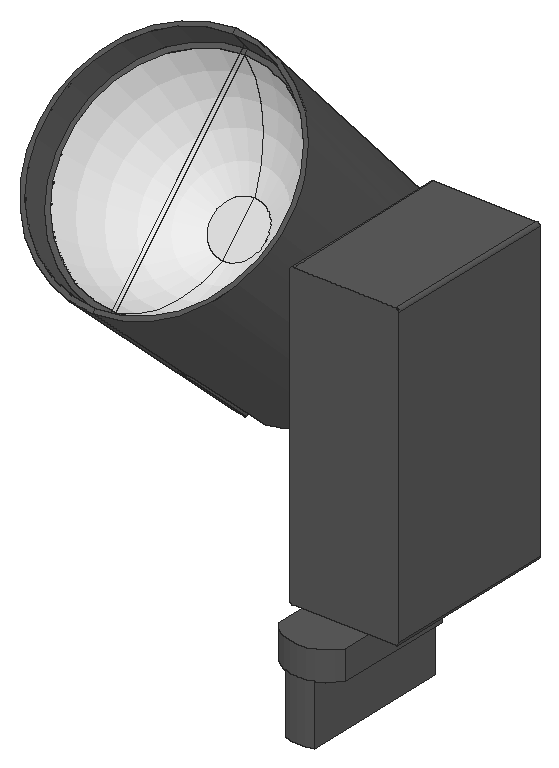
Revit family "0004845 Feilo Sylvania Lighting Fixture START TRACK SPOT L 55W 3K RA80 MB BLACK", category Lighting Fixtures, host Face, Revit 2017 (continued)
Definition of nested family "Start Track Spot Head"
  Types (96, lengths in mm): name | Wattage | built-in parameter 1150134 | Photometric Web File | Model | built-in parameter 1150105 | Lumens | built-in parameter 1150107 | built-in parameter 1150106 | HeadThickness_FEILO | HeadRibOffset_FEILO | HeadRibDepth_FEILO | HeadRibCutWidth_FEILO | HeadRibCutOffset_FEILO | HeadReflectorRadius_FEILO | HeadReflectorOffset_FEILO | HeadLEDRadius_FEILO | HeadHeight_FEILO | HeadDiffusorOffset_FEILO | HeadDiaOut_FEILO | HeadDiaIn_FEILO | HeadAxisFromTop_FEILO | Emit from Circle Diameter | built-in parameter 1150104 | Description | Apparent Load
    0004812 START TRACK SPOT S 14W 3K RA80 MB WHITE | 14 W | (empty or 0) | "0004812.ies" | "START TRACK SPOT S 14W 3K RA80 MB WHITE" | 120.32 (stored number, unit not read) | 1512 lm | 3000 (stored number, unit not read) | 1.2032 (stored number, unit not read) | 1.5 | 4.179 | 55.714 | 7.167 | 50.87 | 50.588 | 55.714 | 9.556 | 117 | 9.435 | 86 | 77.477 | 69.354 | 77.477 | 10.034 (stored number, unit not read) | "Integrated LED spotlight, Textured White - RAL9016, compact and minimalist design, ideal for retail applications, die-cast aluminium body, passive cooling heatsink. Beam angle: 36°, color temperature: 3000K , total system power: 14W, total fixture output: 1508 lm, LOR: 100%, colour rendering: Ra: 80 typical, LED Chromaticity: 3 step MacAdam ellipse, lifetime: >50000 hours at L70B50, energy class: A++, A+, A, IR/UV free light source without heat radiation, operating voltage: 220-240V / 50-60Hz, drive current: 350mA, electronic driver, non-dimmable, power factor: 0.92, electrical protection: Class II, Global Track 3 Phase adapter suitable for Global trac 3-circuit tracks, ingress protection rating: IP20, suitable for internal environment only, horizontal rotation: 355°, vertical tilt: 90°, dimensions: Ø86x140x200, weight: 0.940kg." | 14 VA
    0004811 START TRACK SPOT S 14W 3K RA80 NB WHITE | 14 W | (empty or 0) | "0004811.ies" | "START TRACK SPOT S 14W 3K RA80 NB WHITE" | 123.66 (stored number, unit not read) | 1554 lm | 3000 (stored number, unit not read) | 1.2366 (stored number, unit not read) | 1.5 | 4.179 | 55.714 | 7.167 | 50.87 | 50.588 | 55.714 | 9.556 | 117 | 9.435 | 86 | 77.477 | 69.354 | 77.477 | 10.312 (stored number, unit not read) | "Integrated LED spotlight, Textured White - RAL9016, compact and minimalist design, ideal for retail applications, die-cast aluminium body, passive cooling heatsink. Beam angle: 12°, color temperature: 3000K , total system power: 14W, total fixture output: 1551 lm, LOR: 100%, colour rendering: Ra: 80 typical, LED Chromaticity: 3 step MacAdam ellipse, lifetime: >50000 hours at L70B50, energy class: A++, A+, A, IR/UV free light source without heat radiation, operating voltage: 220-240V / 50-60Hz, drive current: 350mA, electronic driver, non-dimmable, power factor: 0.92, electrical protection: Class II, Global Track 3 Phase adapter suitable for Global trac 3-circuit tracks, ingress protection rating: IP20, suitable for internal environment only, horizontal rotation: 355°, vertical tilt: 90°, dimensions: Ø86x140x200, weight: 0.940kg." | 14 VA
  Reference planes
    plane 1 "Center (Front/Back)": y = 0
    plane 2: z = 0
    plane 3 "Center (Left/Right)": x = 0
    plane 4: x = 43
    plane 5: x = -43
    plane 6: x = -38.739
    plane 7: x = 38.739
    plane 8: z = 69.354
    plane 9: z = -47.646
    plane 10: x = -41.5
    plane 11: x = -37.239
    plane 12: z = -38.211
    plane 13: z = -35.211
    plane 14: z = 8.068
    plane 15: x = -9.556
    plane 16: x = -28.667
    plane 17: x = -19.111
    plane 18: x = -27.167
    plane 19: x = -17.611
    plane 20: x = -8.056
    plane 21: z = 13.64
    plane 22: x = -29.667
    plane 23: x = -26.167
    plane 24: x = -20.111
    plane 25: x = -16.611
    plane 26: x = -10.556
    plane 27: x = -7.056
    plane 28: x = -36.239
    plane 29: x = -40.5
    plane 30: z = 65.175
    plane 31: z = 60.997
    plane 32: z = 56.818
    plane 33: z = 18.484
    plane 34: y = -43
    plane 35: y = 43
    plane 36: y = 3.583
    plane 37: y = -3.583
    plane 38: y = -2.583
    plane 39: y = 2.583
    plane 40: y = 46
    plane 41: z = 13.5
    plane 42: z = -13.5
    plane 43: y = 39
    plane 44: x = 4.708
    plane 45: x = -2.458
    plane 46: x = -1.458
    plane 47: x = 1.458
  Forms (mm)
    Extrusion 1, solid
      sketch origin (4.2, 0, 0) x (1, 0, 0) y (0, 1, 0)
        loop
          line (-1219.2, 1219.2) -> (-1219.2, -1219.2) -> (1219.2, -1219.2) -> (1219.2, 1219.2) -> (-1219.2, 1219.2)
      from 0 to -68.017
    Revolve 2, solid, material <- "Material_1_FEILO", detail levels medium+fine
      sketch origin (0, 0, 0) x (1, 0, 0) y (0, 0, 1)
        loop
          line (-43, -47.646) -> (-41.5, -47.646) -> (-40.5, -35.211) -> (-38.739, -35.211)
          arc (-38.739, -35.211) -> (-30.16, -9.517) -> (-9.556, 8.068) r 50.588
          line (-9.556, 8.068) -> (0, 8.068) -> (0, 13.64) -> (-16.611, 13.64) -> (-17.611, 60.997) -> (-19.111, 60.997) -> (-20.111, 13.64) -> (-36.239, 13.64) -> (-37.239, 69.354) -> (-38.739, 69.354) -> (-43, -47.646)
        axis (0, 69.354) -> (0, -47.646)
      angle from 360 to 0
    Extrusion 3, void
      sketch origin (0, 0, 0) x (0, 1, 0) y (0, 0, 1)
        loop
          line (-3.583, 69.354) -> (-2.583, 18.484) -> (1.932, 18.484) -> (2.932, 69.354) -> (-3.583, 69.354)
      from 43 to -43
    Revolve 4, solid, material <- "Material_2_FEILO", detail levels medium+fine
      sketch origin (0, 0, 0) x (1, 0, 0) y (0, 0, 1)
        loop
          line (-41.5, -38.211) -> (0, -38.211) -> (0, -35.211) -> (-41.5, -35.211) -> (-41.5, -38.211)
        axis (0, -35.211) -> (0, -38.211)
      angle from 360 to 0
    Revolve 5, solid, material <- "Material_1_FEILO"
      sketch origin (0, 0, 0) x (0, 1, 0) y (0, 0, 1)
        loop
          line (46, 0) -> (39, 0) -> (39, -13.5) -> (46, -13.5) -> (46, 0)
        axis (39, 0) -> (46, 0)
      angle from 360 to 0
    Revolve 6, solid, material <- "Material_1_FEILO", detail levels medium+fine
      sketch origin (0, 0, 0) x (1, 0, 0) y (0, 0, 1)
        loop
          line (-29.667, 13.64) -> (-26.167, 13.64) -> (-27.167, 65.175) -> (-28.667, 65.175) -> (-29.667, 13.64)
        loop
          line (-10.556, 13.64) -> (-7.056, 13.64) -> (-7.833, 56.818) -> (-9.778, 56.818) -> (-10.556, 13.64)
        axis (0, 65.175) -> (0, 13.64)
      angle from 360 to 0
    Extrusion 7, void
      sketch origin (0, 0, 0) x (1, 0, 0) y (0, 0, 1)
        loop
          line (4.708, 69.354) -> (-2.458, 69.354) -> (-1.458, 13.64) -> (1.458, 13.64) -> (4.708, 69.354)
      from -43 to 43
    Revolve 8, solid, material <- "Material_1_FEILO", detail levels coarse
      sketch origin (0, 0, 0) x (1, 0, 0) y (0, 0, 1)
        loop
          line (0, 69.354) -> (-38.739, 69.354) -> (-43, -47.646) -> (-41.5, -47.646) -> (-40.731, -38.211) -> (0, -38.211) -> (0, 69.354)
        axis (0, 69.354) -> (0, -47.646)
      angle from 360 to 0
  Cuts and joins
    Extrusion 3 cuts Revolve 2
    Extrusion 7 cuts Revolve 6
  Dimensions and locks
    equal spacing: plane 7, plane 3 "Center (Left/Right)", plane 6
    equal spacing: plane 4, plane 3 "Center (Left/Right)", plane 5
    "HeadDiaOut_FEILO": plane 4 to plane 5
    "HeadDiaIn_FEILO": plane 7 to plane 6
    "HeadHeight_FEILO": plane 8 to plane 9
    "HeadThickness_FEILO": plane 10 to plane 5
    "HeadThickness_FEILO": plane 11 to plane 6
    "HeadDiffusorOffset_FEILO": plane 12 to plane 9
    "HeadDiffusorThickness_FEILO": plane 13 to plane 12
    "HeadReflectorOffset_FEILO": plane 14 to plane 9
    "HeadLEDRadius_FEILO": plane 3 "Center (Left/Right)" to plane 15
    "HeadLEDRadius_FEILO": plane 15 to plane 17
    "HeadLEDRadius_FEILO": plane 17 to plane 16
    "HeadThickness_FEILO": plane 18 to plane 16
    "HeadThickness_FEILO": plane 19 to plane 17
    "HeadThickness_FEILO": plane 20 to plane 15
    "HeadRibDepth_FEILO": plane 8 to plane 21
    "HeadDraft_FEILO": plane 16 to plane 22
    "HeadDraft_FEILO": plane 23 to plane 18
    "HeadDraft_FEILO": plane 17 to plane 24
    "HeadDraft_FEILO": plane 25 to plane 19
    "HeadDraft_FEILO": plane 15 to plane 26
    "HeadDraft_FEILO": plane 27 to plane 20
    "HeadDraft_FEILO": plane 29 to plane 10
    "HeadDraft_FEILO": plane 28 to plane 11
    "HeadRibOffset_FEILO": plane 8 to plane 30
    "HeadRibOffset_FEILO": plane 30 to plane 31
    "HeadRibOffset_FEILO": plane 31 to plane 32
    "HeadAxisFromTop_FEILO": plane 8 to plane 2
    "HeadRibCutOffset_FEILO": plane 8 to plane 33
    equal spacing: plane 34, plane 1 "Center (Front/Back)", plane 35
    "HeadDiaOut_FEILO": plane 34 to plane 35
    equal spacing: plane 38, plane 1 "Center (Front/Back)", plane 39
    equal spacing: plane 37, plane 1 "Center (Front/Back)", plane 36
    "HeadRibCutWidth_FEILO": plane 37 to plane 36
    "HeadDraft_FEILO": plane 37 to plane 38
    locked: plane 35 to plane 40 at 3
    equal spacing: plane 41, plane 2, plane 42
    locked: plane 42 to plane 41 at 27
    locked: plane 43 to plane 35 at 4
    equal spacing: plane 45, imposter light, plane 44
    "HeadDraft_FEILO": plane 46 to plane 45
    "HeadRibCutWidth_FEILO": plane 44 to plane 45
    equal spacing: plane 47, plane 3 "Center (Left/Right)", plane 46
    "HeadReflectorRadius_FEILO": radius of Revolve 2 sketch curve
    aligned and locked: plane 2 to Extrusion 1
    aligned and locked: level to Extrusion 1
    aligned and locked: Revolve 2 sketch curve to plane 3 "Center (Left/Right)"  (x2)
    aligned and locked: plane 9 to Revolve 2 sketch curve  (x2)
    aligned and locked: plane 5 to Revolve 2 sketch curve
    aligned and locked: plane 10 to Revolve 2 sketch curve
    aligned and locked: plane 14 to Revolve 2 sketch curve
    aligned and locked: plane 8 to Revolve 2 sketch curve
    aligned and locked: Revolve 2 sketch curve to plane 13
    aligned and locked: plane 12 to Revolve 4 sketch curve
    aligned and locked: plane 3 "Center (Left/Right)" to Revolve 4 sketch curve
    aligned and locked: Revolve 4 sketch curve to plane 10
    aligned and locked: Revolve 4 sketch curve to plane 3 "Center (Left/Right)"
    aligned and locked: plane 12 to imposter light
    aligned and locked: imposter light to plane 1 "Center (Front/Back)"
    aligned and locked: Revolve 5 sketch curve to plane 2
    aligned and locked: plane 43 to Revolve 5 sketch curve
    aligned and locked: plane 42 to Revolve 5 sketch curve
    aligned and locked: Revolve 6 sketch curve to plane 3 "Center (Left/Right)"
    aligned and locked: plane 22 to Revolve 6 sketch curve
    aligned and locked: plane 30 to Revolve 6 sketch curve
    aligned and locked: plane 23 to Revolve 6 sketch curve
    aligned and locked: Revolve 6 sketch curve to plane 21  (x2)
    aligned and locked: plane 21 to Revolve 6 sketch curve
    aligned and locked: plane 17 to Revolve 2 sketch curve
    aligned and locked: plane 19 to Revolve 2 sketch curve
    aligned and locked: plane 31 to Revolve 2 sketch curve
    aligned and locked: plane 21 to Revolve 2 sketch curve
    aligned and locked: Extrusion 3 to plane 8
    aligned and locked: plane 33 to Extrusion 3
    aligned and locked: plane 8 to Extrusion 3 sketch curve
    aligned and locked: Extrusion 3 sketch curve to plane 33
    aligned and locked: Extrusion 3 to plane 5
    aligned and locked: plane 4 to Extrusion 3
    aligned and locked: plane 32 to Revolve 6 sketch curve
    aligned and locked: plane 44 to Extrusion 7 sketch curve
    aligned and locked: Extrusion 7 sketch curve to plane 8
    aligned and locked: plane 46 to Extrusion 7 sketch curve
    aligned and locked: plane 21 to Extrusion 7 sketch curve
    aligned and locked: plane 34 to Extrusion 7
    aligned and locked: Extrusion 7 to plane 35
    aligned and locked: Revolve 4 sketch curve to plane 13
    aligned and locked: Revolve 5 sketch curve to plane 40
    aligned and locked: Revolve 8 sketch curve to plane 3 "Center (Left/Right)"
    aligned and locked: Revolve 8 sketch curve to cut or joined group of Revolve 2, Extrusion 3  (x3)
    aligned and locked: plane 5 to Revolve 8 sketch curve
    aligned and locked: plane 3 "Center (Left/Right)" to Revolve 8 sketch curve
    aligned and locked: plane 12 to Revolve 8 sketch curve
  Automatic sketch dimensions
    Extrusion 1 sketch curve to Extrusion 1 sketch curve = 2438.4 mm  (x2)
    Extrusion 3 sketch curve to plane 37 = 0 mm
    Extrusion 3 sketch curve to plane 38 = 0 mm
    plane 39 to Extrusion 3 sketch curve = 0.651 mm
    Extrusion 3 sketch curve to plane 39 = 0.349 mm
    Revolve 6 sketch curve to plane 16 = 0 mm
    Revolve 6 sketch curve to plane 18 = 0 mm
    Revolve 6 sketch curve to plane 26 = 0 mm
    Revolve 6 sketch curve to plane 27 = 0 mm
    Revolve 6 sketch curve to plane 15 = 0.222 mm
    plane 9 to Revolve 6 sketch curve = 559.103 mm
    Revolve 6 sketch curve to plane 8 = 2535.555 mm
    plane 20 to Revolve 6 sketch curve = 0.222 mm
    Revolve 2 sketch curve to plane 29 = 0 mm
    Revolve 2 sketch curve to plane 6 = 0 mm  (x2)
    Revolve 2 sketch curve to plane 11 = 0 mm
    Revolve 2 sketch curve to plane 21 = 0 mm
    Revolve 2 sketch curve to plane 28 = 0 mm
    Revolve 2 sketch curve to plane 24 = 0 mm
    Revolve 2 sketch curve to plane 25 = 0 mm
    Revolve 2 sketch curve to plane 15 = 0 mm
    Revolve 2 sketch curve to Revolve 2 sketch curve = 557.155 mm
    Revolve 2 sketch curve to plane 8 = 2535.558 mm
    Extrusion 7 sketch curve to plane 45 = 0 mm
    Extrusion 7 sketch curve to plane 47 = 0 mm
    plane 9 to Revolve 4 sketch curve = 559.103 mm
    Revolve 4 sketch curve to plane 8 = 2535.555 mm
    Revolve 5 sketch curve to level = 0 mm
    plane 34 to Revolve 5 sketch curve = 1968.092 mm
    Revolve 5 sketch curve to plane 40 = 1405.763 mm
    Revolve 8 sketch curve to plane 6 = 0 mm
    Revolve 8 sketch curve to plane 29 = 0.231 mm
    plane 9 to Revolve 8 sketch curve = 559.103 mm
    Revolve 8 sketch curve to Revolve 8 sketch curve = 2535.555 mm
Definition of nested family "Start Track Spot Box"
  Parameters (values of type "Type Large White")
    URL = "http://www.feilosylvania.com"
    Type Image = (empty or 0)
    Type Comments = "n/a"
    Small_FEILO = no
    Material_3_FEILO = none
    Model = ""
    Manufacturer = "Feilo Sylvania"
    Keynote = ""
    Material_2_FEILO = none
    Description = ""
    Default Elevation = 1219.2 mm
    Cost = 0
    Material_1_FEILO = none
    BoxWidth_FEILO = 49 mm
    BoxStartAngle_FEILO [instance] = 0.00°
    BoxRadius_FEILO = 1.5 mm
    BoxHeight_FEILO = if(Small_FEILO, 112 mm, 136 mm)  # 136 mm
    BoxEndAngle_FEILO [instance] = BoxStartAngle_FEILO - 180.00°  # -180.00°
    BoxDepth_FEILO = if(Small_FEILO, 71.5 mm, 79 mm)  # 79 mm
    BoxAxisVerticalOffset_FEILO = 16 mm
    BoxAxisOffset_FEILO = BoxHeight_FEILO / 6.8  # 20 mm
    Assembly Code = ""
    Material_4_FEILO = none
  Types (4, lengths in mm): name | Small_FEILO | BoxHeight_FEILO | BoxDepth_FEILO | BoxAxisOffset_FEILO
    Type Large White | no | 136 | 79 | 20
    Type Small White | yes | 112 | 71.5 | 16.471
    Type Small Black | yes | 112 | 71.5 | 16.471
    Type Large Black | no | 136 | 79 | 20
  Reference planes
    plane 1 "Center (Front/Back)": y = 0
    plane 2: z = 0
    plane 3 "Center (Left/Right)": x = 0
    plane 4: x = 24.5
    plane 5: x = -24.5
    plane 6: y = 68
    plane 7: y = -68
    plane 8: z = 39.5
    plane 9: z = -39.5
    plane 10: y = -48
    plane 11: x = 30.5
    plane 12: x = 8.5
    plane 13: x = 21.5
    plane 14: y = 70
    plane 15: y = 72
    plane 16: x = 19.5
  Forms (mm)
    Extrusion 1, solid
      sketch origin (4.2, 0, 0) x (1, 0, 0) y (0, 1, 0)
        loop
          line (-1219.2, 1219.2) -> (-1219.2, -1219.2) -> (1219.2, -1219.2) -> (1219.2, 1219.2) -> (-1219.2, 1219.2)
      from 0 to -68.017
    Extrusion 2, solid, material <- "Material_1_FEILO"
      sketch origin (0, 0, 0) x (1, 0, 0) y (0, 1, 0)
        loop
          arc (-23, 68) -> (-24.061, 67.561) -> (-24.5, 66.5) r 1.5
          line (-24.5, 66.5) -> (-24.5, -66.5)
          arc (-24.5, -66.5) -> (-24.061, -67.561) -> (-23, -68) r 1.5
          line (-23, -68) -> (23, -68)
          arc (23, -68) -> (24.061, -67.561) -> (24.5, -66.5) r 1.5
          line (24.5, -66.5) -> (24.5, 66.5)
          arc (24.5, 66.5) -> (24.061, 67.561) -> (23, 68) r 1.5
          line (23, 68) -> (-23, 68)
      from -39.5 to 39.5
    Revolve 3, solid, not visible
      sketch origin (0, 0, 0) x (1, 0, 0) y (0, 1, 0)
        loop
          line (30.5, -48) -> (24.5, -48) -> (24.5, -68) -> (30.5, -68) -> (30.5, -48)
        axis (30.5, -48) -> (24.5, -48)
      angle from 0 <- "BoxStartAngle_FEILO" to -180 <- "BoxEndAngle_FEILO"
    Revolve 4, solid, material <- "Material_2_FEILO"
      sketch origin (0, 0, 0) x (1, 0, 0) y (0, 1, 0)
        loop
          line (8.5, 68) -> (19.5, 68) -> (19.5, 70) -> (21.5, 70) -> (21.5, 72) -> (8.5, 72) -> (8.5, 68)
        axis (8.5, 72) -> (8.5, 68)
      angle from 360 to 0
  Dimensions and locks
    equal spacing: plane 5, plane 3 "Center (Left/Right)", plane 4
    "BoxWidth_FEILO": plane 5 to plane 4
    equal spacing: plane 7, plane 1 "Center (Front/Back)", plane 6
    "BoxHeight_FEILO": plane 7 to plane 6
    equal spacing: plane 8, plane 2, plane 9
    "BoxDepth_FEILO": plane 8 to plane 9
    "BoxAxisOffset_FEILO": plane 7 to plane 10
    locked: plane 4 to plane 11 at 6
    "BoxAxisVerticalOffset_FEILO": plane 12 to plane 4
    locked: plane 12 to plane 13 at 13
    plane 6 to plane 14 to plane 15 = 2 mm locked, 2 mm locked
    locked: plane 12 to plane 16 at 11
    "BoxRadius_FEILO": radius of Extrusion 2 sketch curve  (x4)
    aligned and locked: plane 2 to Extrusion 1
    aligned and locked: level to Extrusion 1
    aligned and locked: plane 6 to Extrusion 2 sketch curve
    aligned and locked: plane 5 to Extrusion 2 sketch curve
    aligned and locked: Extrusion 2 sketch curve to plane 7
    aligned and locked: Extrusion 2 sketch curve to plane 4
    aligned and locked: Extrusion 2 to plane 8
    aligned and locked: plane 9 to Extrusion 2
    aligned and locked: Revolve 3 sketch curve to plane 10  (x2)
    aligned and locked: plane 11 to Revolve 3 sketch curve
    aligned and locked: Revolve 3 sketch curve to plane 4
    aligned and locked: plane 7 to Revolve 3 sketch curve
    aligned and locked: Revolve 4 sketch curve to plane 12
    aligned and locked: plane 6 to Revolve 4 sketch curve
    aligned and locked: plane 12 to Revolve 4 sketch curve
    aligned and locked: plane 15 to Revolve 4 sketch curve
    aligned and locked: Revolve 4 sketch curve to plane 13
    aligned and locked: Revolve 4 sketch curve to plane 14
    aligned and locked: Revolve 4 sketch curve to plane 16
    aligned and locked: Revolve 4 sketch curve to plane 6
  Automatic sketch dimensions
    Extrusion 1 sketch curve to Extrusion 1 sketch curve = 2438.4 mm  (x2)
    Revolve 3 sketch curve to plane 5 = 1499.5 mm
    plane 11 to Revolve 3 sketch curve = 1493.5 mm
    plane 15 to Revolve 4 sketch curve = 0 mm
    plane 7 to Revolve 4 sketch curve = 1456 mm
    Revolve 4 sketch curve to plane 15 = 1452 mm
